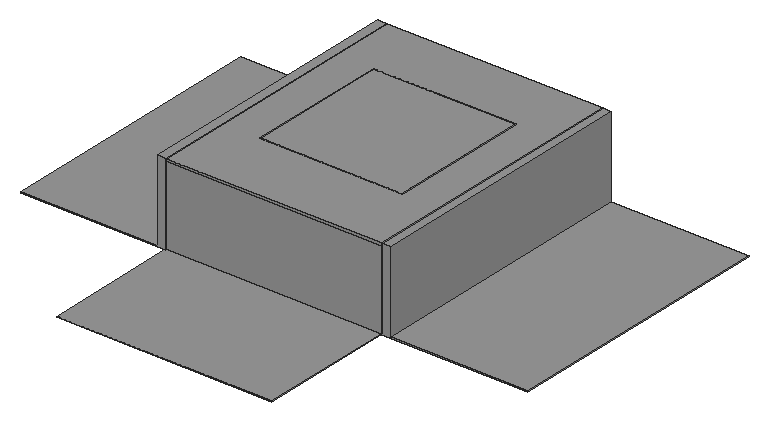
Revit family "OKA-G Anbaueinheit für GES9_55, Höhe 40-140mm", category Generic Models, Revit 2015
Parameters (values of type "OKA-G A 401409")
  Width = 400 mm
  URL = "http://www.obo-bettermann.com"
  Material = Steel, Galvanized
  Manufacturer Art. No. = "7424324"
  Manufacturer = "OBO Bettermann"
  Length = 473 mm
  HeightCalc [instance] = if(Height < 40 mm, 40 mm, (if(Height > 140 mm, 140 mm, Height)))  # 140 mm
  Height [instance] = 500 mm
  GTIN = "4012195243991"
  Article Type = "OKA-G A 40140 9"
Reference planes
  plane 1 "Center (Front/Back)": y = 0
  plane 2: z = 0
  plane 3 "Center (Left/Right)": x = 0
  plane 4: z = 140
  plane 5: y = -473
  plane 6: x = 200
  plane 7: x = -200
Forms (mm)
  Extrusion 1, solid, material "Aluminum 6061"
    sketch origin (0, 0, 0) x (1, 0, 0) y (0, 0, 1)
      loop
        line (185, 140) -> (185, 0) -> (435, 0) -> (435, 1) -> (200, 1) -> (200, 140) -> (185, 140)
      loop
        line (-200, 1) -> (-435, 1) -> (-435, 0) -> (-185, 0) -> (-185, 140) -> (-200, 140) -> (-200, 1)
    from 0 to 473
  Extrusion 2, solid, material "Steel, Galvanized" <- "Material"
    sketch origin (0, 0, 0) x (1, 0, 0) y (0, 0, 1)
      loop
        line (185, 136) -> (185, 140) -> (-185, 140) -> (-185, 136) -> (185, 136)
    from 0 to 473
  Extrusion 3, solid, material "Aluminum 6061"
    sketch origin (0, 0, 0) x (0, 1, 0) y (0, 0, 1)
      loop
        line (-473, 136) -> (-473, 1) -> (-708, 1) -> (-708, 0) -> (-458, 0) -> (-458, 136) -> (-473, 136)
    from -185 to 185
  Extrusion 4, void
    sketch origin (0, 0, 0) x (1, 0, 0) y (0, 1, 0)
      loop
        line (-122, -106.5) -> (-122, -350.5) -> (122, -350.5) -> (122, -106.5) -> (-122, -106.5)
    from 0 to 250
  Extrusion 5, solid, material "Steel, Galvanized"
    sketch origin (0, 0, 0) x (1, 0, 0) y (0, 1, 0)
      loop
        line (-122, -106.5) -> (-122, -350.5) -> (122, -350.5) -> (122, -106.5) -> (-122, -106.5)
    from 136 to 140
Cuts and joins
  Extrusion 4 cuts Extrusion 2
Lines and regions (mm)
  model lines
    curve 1: line (-200, 0, 140) -> (-185, 0, 140)
    curve 2: line (-185, 0, 140) -> (-185, 0, 0)
    curve 3: line (-185, 0, 0) -> (-435, 0, 0)
    curve 4: line (-435, 0, 0) -> (-435, 0, 1)
    curve 5: line (-435, 0, 1) -> (-200, 0, 1)
    curve 6: line (-200, 0, 1) -> (-200, 0, 140)
    curve 7: line (185, 0, 140) -> (185, 0, 0)
    curve 8: line (185, 0, 0) -> (435, 0, 0)
    curve 9: line (435, 0, 0) -> (435, 0, 1)
    curve 10: line (435, 0, 1) -> (200, 0, 1)
    curve 11: line (200, 0, 1) -> (200, 0, 140)
    curve 12: line (200, 0, 140) -> (185, 0, 140)
    curve 13: line (185, 0, 140) -> (185, 0, 0)
    curve 14: line (-185, 0, 0) -> (-185, 0, 140)
    curve 15: line (-185, 0, 140) -> (185, 0, 140)
    curve 16: line (-185, 0, 136) -> (185, 0, 136)
Dimensions and locks
  locked: curve 5 to curve 3 at 1
  locked: curve 2 to curve 6 at 15
  locked: curve 10 to curve 8 at 1
  locked: curve 2 to curve 4 at 250
  locked: curve 9 to curve 7 at 250
  locked: curve 11 to curve 7 at 15
  "Length": plane 1 "Center (Front/Back)" to plane 5
  equal spacing: plane 7, plane 3 "Center (Left/Right)", plane 6
  "Width": plane 7 to plane 6
  "HeightCalc": level to plane 4
  locked: curve 16 to curve 15 at 4
  Extrusion 3 sketch curve to Extrusion 1 = 15 mm
  locked: Extrusion 3 sketch curve to Extrusion 3 sketch curve at 250
  locked: Extrusion 3 sketch curve to Extrusion 3 sketch curve at 1
  Extrusion 4 sketch curve to Extrusion 4 sketch curve = 244 mm
  equal spacing: Extrusion 4 sketch curve, plane 3 "Center (Left/Right)", Extrusion 4 sketch curve
  locked: cut or joined group of Extrusion 2, Extrusion 4 to Extrusion 4 sketch curve at 106.5
  locked: Extrusion 4 sketch curve to Extrusion 4 sketch curve at 244
  aligned and locked: level to plane 2
  aligned and locked: level to curve 3
  aligned and locked: curve 6 to plane 7
  aligned and locked: curve 11 to plane 6
  aligned and locked: plane 4 to curve 1
  aligned and locked: curve 8 to level
  aligned and locked: Extrusion 1 sketch curve to curve 13
  aligned and locked: Extrusion 1 sketch curve to curve 12
  aligned and locked: Extrusion 1 sketch curve to curve 11
  aligned and locked: Extrusion 1 sketch curve to curve 10
  aligned and locked: Extrusion 1 sketch curve to curve 9
  aligned and locked: Extrusion 1 sketch curve to curve 8
  aligned and locked: Extrusion 1 sketch curve to curve 6
  aligned and locked: Extrusion 1 sketch curve to curve 14
  aligned and locked: Extrusion 1 sketch curve to curve 1
  aligned and locked: Extrusion 1 sketch curve to curve 5
  aligned and locked: Extrusion 1 sketch curve to curve 3
  aligned and locked: Extrusion 1 sketch curve to curve 4
  aligned and locked: Extrusion 1 to plane 5
  aligned and locked: Extrusion 2 sketch curve to curve 16
  aligned and locked: Extrusion 2 sketch curve to curve 15
  aligned and locked: Extrusion 2 sketch curve to curve 2
  aligned and locked: Extrusion 2 sketch curve to curve 7
  aligned and locked: Extrusion 2 to plane 5
  aligned and locked: level to Extrusion 3 sketch curve
  aligned and locked: Extrusion 3 sketch curve to plane 5
  aligned and locked: Extrusion 3 to curve 1
  aligned and locked: Extrusion 3 to Extrusion 1
  aligned and locked: Extrusion 3 to Extrusion 2
  aligned and locked: Extrusion 5 sketch curve to cut or joined group of Extrusion 2, Extrusion 4  (x4)
  aligned and locked: curve 16 to Extrusion 5
  aligned and locked: curve 7 to Extrusion 5
Automatic sketch dimensions
  Extrusion 3 sketch curve to plane 4 = 4 mm
